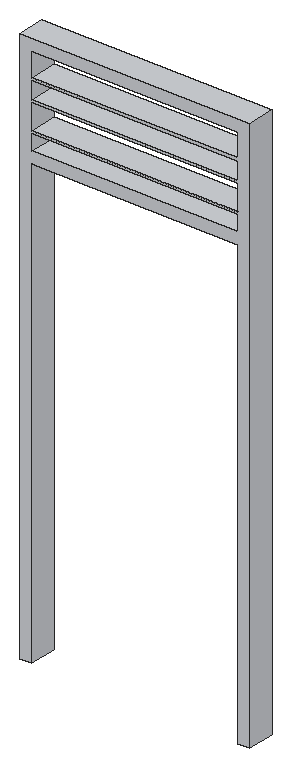
Revit family "DoorSingleBv", category Doors, host Wall, Revit 2022
Family settings
  Host = Wall
  OmniClass Number = 23.30.10.00
  OmniClass Title = Doors
  Always vertical = Yes
  Cut with Voids When Loaded = No
  Shared = No
  Room Calculation Point = No
Parameters
  Function = Interior
  Frame Projection Ext. = 25 mm
  Frame Projection Int. = 120 mm
  Frame Width = 50 mm
  Height = 2000 mm
  Wall Closure = By host
  Width = 1000 mm
  BvPlank = 10 mm
  Bv Height = 440 mm
Reference planes
  plane 1: y = 0
  plane 2 "Center (Left/Right)": x = 0
  plane 3 "Left": x = -500
  plane 4 "Right": x = 500
  plane 5: z = 2000
  plane 6 "Exterior": y = 75
  plane 7 "Interior": y = -75
  plane 8: z = 2440
  plane 9: z = 2195
  plane 10: z = 2390
Forms (mm)
  Extrusion 1, solid
    sketch origin (-3055, -90, 0) x (1, 0, 0) y (0, 0, 1)
      loop
        line (2605, 0) -> (2605, 1950) -> (3505, 1950) -> (3505, 0) -> (3555, 0) -> (3555, 2440) -> (2555, 2440) -> (2555, 0) -> (2605, 0)
      loop
        line (3505, 2390) -> (2605, 2390) -> (2605, 2287.403) -> (3505, 2287.403) -> (3505, 2390)
      loop
        line (3505, 2000) -> (3505, 2070) -> (2605, 2070) -> (2605, 2000) -> (3505, 2000)
      loop
        line (2605, 2277.403) -> (2605, 2200) -> (3505, 2200) -> (3505, 2277.403) -> (2605, 2277.403)
      loop
        line (2605, 2190) -> (2605, 2080) -> (3505, 2080) -> (3505, 2190) -> (2605, 2190)
    from -150 to -30
Lines and regions (mm)
  Opening 1
    outline origin (-3050, -75, 0) x (1, 0, 0) y (0, 0, 1)
      loop
        line (2550, 0) -> (3550, 0) -> (3550, 2440) -> (2550, 2440) -> (2550, 0)
  symbolic lines, style "Elevation Swing"
    curve 1: line (500, -75, 1000) -> (-500, -75, 2000)
    curve 2: line (500, -75, 1000) -> (-500, -75, 0)
Text (mm)
  text "Exterior" at (-1376.75, 1099.543, 0), in view "Ref. Level"
  text "Exterior" at (0, 1615.38, 3698.081), in view "Left"
  text "Exterior" at (0, 1036.032, 3874.932), in view "Right"
Dimensions and locks
  equal spacing: plane 3 "Left", plane 2 "Center (Left/Right)", plane 4 "Right"
  "Width": plane 3 "Left" to plane 4 "Right"
  "Height": plane 5 to host wall
  equal spacing: host wall, curve 2, plane 5
  host wall to plane 5 = 2000 mm
  "Frame Projection Int.": Extrusion 1 to Extrusion 1
  "Frame Width": Extrusion 1 sketch curve to plane 3 "Left"
  "Frame Width": Extrusion 1 sketch curve to plane 4 "Right"
  "Frame Width": plane 5 to Extrusion 1 sketch curve
  locked: plane 6 "Exterior" to host wall
  locked: plane 7 "Interior" to host wall
  equal spacing: Extrusion 1, host wall, Extrusion 1
  "Frame Width": plane 8 to Extrusion 1 sketch curve
  "Bv Height": plane 8 to plane 5
  "BvPlank": Extrusion 1 sketch curve to Extrusion 1 sketch curve  (x3)
  "Frame Width": plane 8 to plane 10
  equal spacing: plane 10, plane 9, plane 5
  equal spacing: Extrusion 1 sketch curve, plane 9, Extrusion 1 sketch curve
  aligned and locked: plane 3 "Left" to Opening 1 sketch curve
  aligned and locked: Opening 1 sketch curve to plane 4 "Right"
  aligned and locked: Opening 1 sketch curve to level
  aligned and locked: level to Extrusion 1 sketch curve
  aligned and locked: plane 5 to Extrusion 1 sketch curve
  aligned and locked: Extrusion 1 sketch curve to plane 4 "Right"
  aligned and locked: plane 3 "Left" to Extrusion 1 sketch curve
  aligned and locked: plane 5 to curve 1
  aligned and locked: plane 3 "Left" to curve 2
  aligned and locked: plane 1 to host wall
  aligned and locked: plane 3 "Left" to curve 1
  aligned and locked: plane 8 to Extrusion 1 sketch curve
  aligned and locked: plane 8 to Opening 1 sketch curve
  aligned and locked: Extrusion 1 sketch curve to Extrusion 1 sketch curve  (x8)
Automatic sketch dimensions
  plane 4 "Right" to curve 2 = 0 mm
  curve 2 to level = 0 mm
  Extrusion 1 sketch curve to level = 0 mm
  Extrusion 1 sketch curve to plane 5 = 70 mm
  Extrusion 1 sketch curve to Extrusion 1 sketch curve = 77.403 mm
